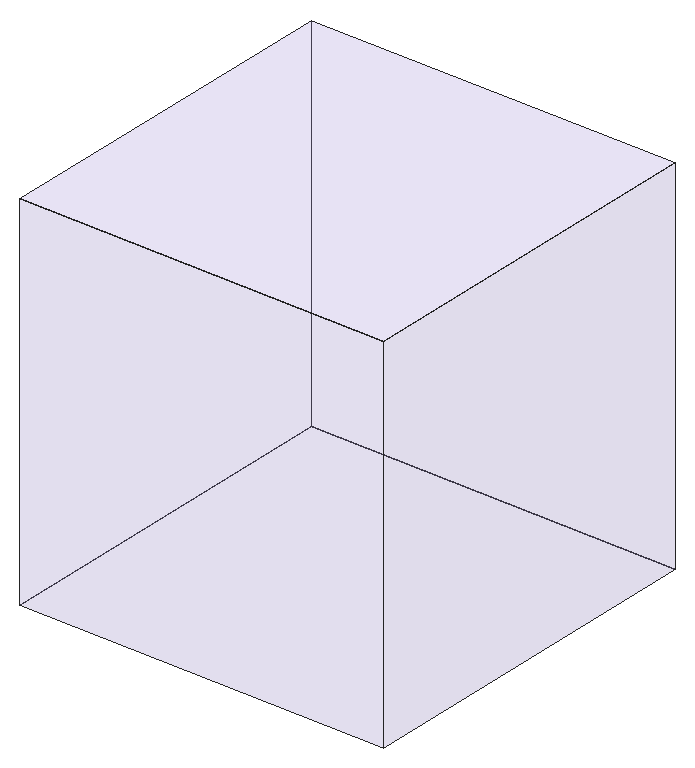
Revit family
Parameters
  폭 [instance] = 9000 mm
  매스 재료 [instance] = 기본 매스
  높이 [instance] = 9000 mm
  깊이 [instance] = 9000 mm
  Default Elevation = 1219.2 mm
Reference planes
  plane 1 "중심(앞/뒤)": y = 12.955
  plane 2: z = 0
  plane 3 "중심(왼쪽/오른쪽)": x = -30.261
  plane 4: y = 4512.955
  plane 5: x = 4469.739
  plane 6: x = -4530.261
  plane 7: y = -4487.045
  plane 8: z = 9000
Forms (mm)
  Extrusion 1, solid, material "기본 매스" <- "매스 재료"
    sketch origin (0, 0, 0) x (1, 0, 0) y (0, 1, 0)
      loop
        line (-4530.261, 4512.955) -> (-4530.261, -4487.045) -> (4469.739, -4487.045) -> (4469.739, 4512.955) -> (-4530.261, 4512.955)
    from 0 to 9000
Dimensions and locks
  equal spacing: Extrusion 1 sketch curve, plane 3 "중심(왼쪽/오른쪽)", Extrusion 1 sketch curve
  equal spacing: Extrusion 1 sketch curve, plane 1 "중심(앞/뒤)", Extrusion 1 sketch curve
  equal spacing: plane 6, plane 3 "중심(왼쪽/오른쪽)", plane 5
  "폭": plane 6 to plane 5
  equal spacing: plane 4, plane 1 "중심(앞/뒤)", plane 7
  "깊이": plane 4 to plane 7
  locked: plane 2 to level
  "높이": plane 8 to plane 2
  aligned and locked: Extrusion 1 sketch curve to plane 4
  aligned and locked: Extrusion 1 sketch curve to plane 6
  aligned and locked: Extrusion 1 to plane 8
  aligned and locked: Extrusion 1 to plane 2
